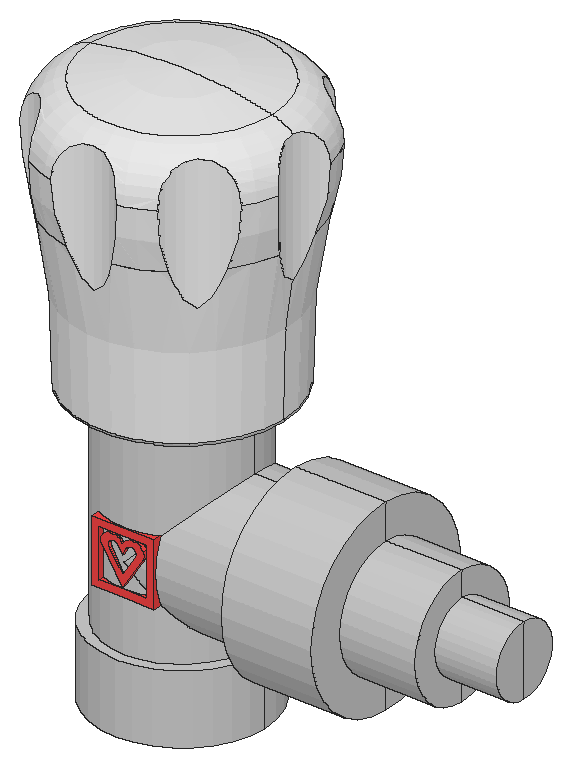
Revit family "GP Heizkörperregulierventil Eck 5524", category Rohrzubehör, Revit 2019
Family settings
  Bemaßung runder Anschluss = Durchmesser verwenden
  Teiletyp = Unterbricht
  OmniClass-Nummer = 23.65.55.14
  OmniClass-Titel = Valves for Liquid Services
  Arbeitsebenenbasiert = Nein
  Immer vertikal = Ja
  Beim Laden mit Abzugskörper schneiden = Nein
  Gemeinsam genutzt = Nein
Parameters
  URL = "www.herz-armaturen.at"
  SCRNSEQ = "ARM;ARM_TYP=\"ALLF\";2"
  SCRNCODE = "05;00;02"  # constant formula
  S04 = 45.000 mm  # constant formula
  S03 [instance] = H02 - 5.000 mm + 41.000 mm  # 60.000 mm
  S02 [instance] = L04 + L03 - L02  # 25.500 mm
  S01 = 10.000 mm  # constant formula
  Nennweite [instance] = 10.000 mm
  Medium = "Heizwasserqualität entsprechend ÖNORM H 5195 bzw. VDI-Richtllinie 2035."
  Max.Betriebstemperatur = 120 °C  # constant formula
  Max.Betriebsdruck = 1000000.0 Pa  # constant formula
  LO1 [instance] = R01 - 0.500 mm  # 10.000 mm
  L04 [instance] = size_lookup("5524_", "L4", 1.000 mm, Nennweite)  # 20.000 mm
  L03 [instance] = size_lookup("5524_", "L3", 1.000 mm, Nennweite)  # 13.000 mm
  L02 [instance] = size_lookup("5524_", "L2", 1.000 mm, Nennweite)  # 7.500 mm
  L01 [instance] = size_lookup("5524_", "L1", 1.000 mm, Nennweite)  # 24.000 mm
  Hersteller = "HERZ Armaturen Ges.m.b.H."  # constant formula
  Handrad = "Kunststoff, weiß"  # constant formula
  H03 [instance] = size_lookup("5524_", "H3", 1.000 mm, Nennweite)  # 10.000 mm
  H02 [instance] = size_lookup("5524_", "H2", 1.000 mm, Nennweite)  # 24.000 mm
  H01 [instance] = size_lookup("5524_", "H1", 1.000 mm, Nennweite)  # 22.000 mm
  Gehäuse = "vernickeltes Messing"  # constant formula
  GT1 [instance] = size_lookup("5524_", "GT1", 1.000 mm, Nennweite)  # 9.000 mm
  GT [instance] = size_lookup("5524_", "GT", 1.000 mm, Nennweite)  # 9.500 mm
  G2 [instance] = Nennweite / 2  # 5.000 mm
  G1 [instance] = Nennweite / 2  # 5.000 mm
  R01 = 10.500 mm  # constant formula
  D05 [instance] = size_lookup("5524_", "D5", 1.000 mm, Nennweite)  # 8.500 mm
  D04 [instance] = size_lookup("5524_", "D4", 1.000 mm, Nennweite)  # 13.500 mm
  D03 [instance] = R01  # 10.500 mm
  D02 [instance] = size_lookup("5524_", "D2", 1.000 mm, Nennweite)  # 7.940 mm
  D01 [instance] = size_lookup("5524_", "D1", 1.000 mm, Nennweite)  # 12.000 mm
  Bestellnummer [instance] = size_lookup("5524_", "Artnr", 0, Nennweite)  # 1552420
  Ausführungen = "Universalmodelle mit Spezialmuffen für Gewinderohr und Klemmsetanschluss, vernickelt."
Reference planes
  plane 1 "Mitte (Vorne/hinten)": y = 0
  plane 2: z = 0
  plane 3 "Mitte (Links/rechts)": x = 0
Forms (mm)
  Revolve 1, solid, material "Messing, weicher Gelbton, geschweißt", detail levels fine
    sketch origin (0, 0, 0) x (1, 0, 0) y (0, 0, 1)
      loop
        line (0, 24) -> (-10.5, 24) -> (-10.5, -12) -> (-12, -12) -> (-12, -22) -> (-5, -22) -> (-5, -12.5) -> (0, -12.5) -> (0, 24)
      axis (0, 24) -> (0, -22)
    angle from 0 to 360
  Revolve 2, solid, material "Messing, weicher Gelbton, geschweißt", detail levels fine
    sketch origin (0, 0, 0) x (1, 0, 0) y (0, 0, 1)
      loop
        line (0, 0) -> (24, 0) -> (24, 7.94) -> (16.5, 7.94) -> (16.5, 10.5) -> (0, 10.5) -> (0, 0)
      axis (0, 0) -> (24, 0)
    angle from 0 to 360
  Revolve 3, solid, material "Messing, weicher Gelbton, geschweißt", detail levels fine
    sketch origin (-1, 0, 0) x (1, 0, 0) y (0, 0, 1)
      loop
        line (25, 0) -> (50.5, 0) -> (50.5, 5) -> (41.5, 5) -> (41.5, 8.5) -> (30.5, 8.5) -> (30.5, 13.5) -> (17.5, 13.5) -> (17.5, 7.94) -> (25, 7.94) -> (25, 0)
      axis (17.5, 0) -> (50.5, 0)
    angle from 0 to 360
Lines and regions (mm)
  model lines, detail levels coarse+medium
    curve 1: line (0, 0, 0) -> (12, 0, -22)
    curve 2: line (12, 0, -22) -> (-12, 0, -22)
    curve 3: line (-12, 0, -22) -> (0, 0, 0)
    curve 4: line (0, 0, 0) -> (24, 0, 13.5)
    curve 5: line (24, 0, 13.5) -> (24, 0, -13.5)
    curve 6: line (24, 0, -13.5) -> (0, 0, 0)
    curve 7: line (24, 0, 13.5) -> (34, 0, 13.5)
    curve 8: line (34, 0, 13.5) -> (24, 0, 0)
    curve 9: line (24, 0, -13.5) -> (34, 0, -13.5)
    curve 10: line (34, 0, -13.5) -> (24, 0, 0)
    curve 11: line (24, 0, 0) -> (49.5, 0, 0)
    curve 12: line (0, 0, 0) -> (0, 0, 60)
    curve 13: line (-22.5, 0, 60) -> (22.5, 0, 60)
    curve 14: line (0, 0, 0) -> (0, 60, 0)
    curve 15: line (-22.5, 60, 0) -> (22.5, 60, 0)
    curve 16: line (0, 0, 0) -> (12, -22, 0)
    curve 17: line (12, -22, 0) -> (-12, -22, 0)
    curve 18: line (-12, -22, 0) -> (0, 0, 0)
    curve 19: line (0, 0, 0) -> (24, 13.5, 0)
    curve 20: line (24, 13.5, 0) -> (24, -13.5, 0)
    curve 21: line (24, -13.5, 0) -> (0, 0, 0)
    curve 22: line (24, 13.5, 0) -> (34, 13.5, 0)
    curve 23: line (34, 13.5, 0) -> (24, 0, 0)
    curve 24: line (24, -13.5, 0) -> (34, -13.5, 0)
    curve 25: line (24, 0, 0) -> (34, -13.5, 0)
Dimensions and locks
  "H02": Revolve 1 sketch curve to plane 2
  "H01": plane 2 to Revolve 1 sketch curve
  "R01": Revolve 1 sketch curve to Revolve 1 sketch curve
  "G1": Revolve 1 sketch curve to Revolve 1 sketch curve
  "D01": Revolve 1 sketch curve to Revolve 1 sketch curve
  "GT": Revolve 1 sketch curve to Revolve 1 sketch curve
  "H03": Revolve 1 sketch curve to Revolve 1 sketch curve
  "D02": Revolve 2 sketch curve to Revolve 2 sketch curve
  "D03": Revolve 2 sketch curve to Revolve 2 sketch curve
  "L01": Revolve 2 sketch curve to Revolve 2 sketch curve
  "L02": Revolve 2 sketch curve to Revolve 2 sketch curve
  "H02": nested 1 to plane 2
  "LO1": nested 2 to plane 1 "Mitte (Vorne/hinten)"
  "L02": Revolve 3 sketch curve to Revolve 3 sketch curve
  "L03": Revolve 3 sketch curve to Revolve 3 sketch curve
  "L04": Revolve 3 sketch curve to Revolve 3 sketch curve
  "D04": Revolve 3 sketch curve to Revolve 3 sketch curve
  "G2": Revolve 3 sketch curve to Revolve 3 sketch curve
  "D05": Revolve 3 sketch curve to Revolve 3 sketch curve
  "GT1": Revolve 3 sketch curve to Revolve 3 sketch curve
  "L01": plane 3 "Mitte (Links/rechts)" to Revolve 3 sketch curve
  "D02": Revolve 3 sketch curve to plane 2
  "H01": plane 2 to curve 2
  "L01": curve 5 to plane 3 "Mitte (Links/rechts)"
  "D01": curve 2 to plane 3 "Mitte (Links/rechts)" to curve 3
  "D04": curve 5 to plane 2 to curve 6
  "S01": curve 5 to curve 8
  "S01": curve 5 to curve 10
  "S02": curve 11 to curve 11
  "S03": curve 12 to plane 2
  equal spacing: curve 13, curve 12, curve 13
  "S04": curve 13 to curve 13
  "S04": curve 15 to curve 15
  equal spacing: curve 15, curve 14, curve 15
  "S03": plane 1 "Mitte (Vorne/hinten)" to curve 14
  "H01": curve 17 to plane 1 "Mitte (Vorne/hinten)"
  "D01": curve 18 to plane 3 "Mitte (Links/rechts)" to curve 17
  "L01": plane 3 "Mitte (Links/rechts)" to curve 20
  "D04": curve 21 to plane 1 "Mitte (Vorne/hinten)" to curve 20
  "S01": curve 20 to curve 23
  "S01": curve 20 to curve 25
  aligned and locked: level to plane 2
Automatic sketch dimensions
  curve 12 to plane 3 "Mitte (Links/rechts)" = 0.000 mm
  curve 4 to level = 0.000 mm
  curve 10 to level = 0.000 mm
  curve 8 to level = 0.000 mm
  plane 1 "Mitte (Vorne/hinten)" to curve 16 = 0.000 mm
  curve 16 to plane 3 "Mitte (Links/rechts)" = 0.000 mm
  plane 1 "Mitte (Vorne/hinten)" to curve 23 = 0.000 mm
  Revolve 1 sketch curve to plane 3 "Mitte (Links/rechts)" = 0.000 mm  (x2)
  Revolve 1 sketch curve to Revolve 1 sketch curve = 345.545 mm
  Revolve 1 sketch curve to Revolve 1 sketch curve = 2189.815 mm
  Revolve 2 sketch curve to level = 0.000 mm  (x2)
  Revolve 2 sketch curve to plane 3 "Mitte (Links/rechts)" = 0.000 mm
  Revolve 2 sketch curve to plane 3 "Mitte (Links/rechts)" = 1506.530 mm
  Revolve 2 sketch curve to Revolve 2 sketch curve = 1815.148 mm
  Revolve 3 sketch curve to level = 0.000 mm  (x2)
  Revolve 3 sketch curve to plane 3 "Mitte (Links/rechts)" = 1507.530 mm
  Revolve 3 sketch curve to Revolve 3 sketch curve = 1789.648 mm
Nested families
  nested 1: "Handrad-Heizkörperventile" at (0, 0, 18.5), type "Handrad-Heizkörperventile", detail levels fine
  nested 2: "Herz-Logo-vorne" at (0, -10, 0) x (0, -1, 0) z (0, 0, 1), type "Herz-Logo-vorne", detail levels fine
Connectors
  piping at (0, 0, -12.5), diameter 10, driven by "Nennweite"
    settings: on Revolve 1, index 1, connector inside diameter 609.6 mm, connector length 0.000 mm, flow factor 0, pipe flow 0.0 L/s, pressure drop 0.0 Pa, fitting loss kfactor 0, connector angle 0.00°, fixture units 0, engagement length 0.000 mm, angle of deflection 0.00°, flow configuration 0, flow direction 1, fitting loss method 0, system type 7, joint type 0, gender type 0, connector reference index -1, connector utility 0, adjustable connector no, is connector primary yes, connector description ""
  piping at (49.5, 0, 0), diameter 10, driven by "Nennweite"
    settings: on Revolve 3, index 2, connector inside diameter 609.6 mm, connector length 0.000 mm, flow factor 0, pipe flow 0.0 L/s, pressure drop 0.0 Pa, fitting loss kfactor 0, connector angle 0.00°, fixture units 0, engagement length 0.000 mm, angle of deflection 0.00°, flow configuration 0, flow direction 2, fitting loss method 0, system type 7, joint type 0, gender type 0, connector reference index -1, connector utility 0, adjustable connector no, is connector primary no, connector description ""
Definition of nested family "Handrad-Heizkörperventile"
  Parameters (values of type "Handrad-Heizkörperventile")
    T01 = 5.500 mm  # constant formula
    R01 = 10.500 mm  # constant formula
  Reference planes
    plane 1 "Mitte (Vorne/hinten)": y = 0
    plane 2: z = 0
    plane 3 "Mitte (Links/rechts)": x = 0
  Forms (mm)
    Revolve 1, solid, detail levels fine
      sketch origin (0, 0, 0) x (1, 0, 0) y (0, 0, 1)
        loop
          line (10.5, 0) -> (14.25, 0)
          arc (14.25, 0) -> (14.604, 0.146) -> (14.75, 0.5) r 0.5
          arc (14.75, 0.5) -> (15.098, 12.356) -> (17.195, 24.03) r 80
          arc (17.195, 24.03) -> (18.172, 28.281) -> (18.5, 32.63) r 29
          arc (18.5, 32.63) -> (17.011, 36.946) -> (13.177, 39.426) r 7
          arc (13.177, 39.426) -> (6.637, 40.626) -> (0, 41.028) r 55
          line (0, 41.028) -> (0, 5.5) -> (10.5, 5.5) -> (10.5, 0)
        axis (0, 41.028) -> (0, 0)
      angle from 0 to 360
    Extrusion 2, void
      sketch origin (0, 0, 0) x (1, 0, 0) y (0, 1, 0)
        loop
          arc (-16.011, 9.268) -> (-11.314, 11.314) -> (-9.268, 16.011) r 7
          arc (-9.268, 16.011) -> (-13.081, 13.081) -> (-16.011, 9.268) r 18.5
        loop
          arc (16.011, 9.268) -> (13.081, 13.081) -> (9.268, 16.011) r 18.5
          arc (9.268, 16.011) -> (11.314, 11.314) -> (16.011, 9.268) r 7
        loop
          arc (-16.011, -9.268) -> (-13.081, -13.081) -> (-9.268, -16.011) r 18.5
          arc (-9.268, -16.011) -> (-11.314, -11.314) -> (-16.011, -9.268) r 7
        loop
          arc (16.011, -9.268) -> (11.314, -11.314) -> (9.268, -16.011) r 7
          arc (9.268, -16.011) -> (13.081, -13.081) -> (16.011, -9.268) r 18.5
        loop
          arc (17.953, 4.58) -> (16.078, -0.188) -> (17.953, -4.956) r 7
          arc (17.953, -4.956) -> (18.578, -0.188) -> (17.953, 4.58) r 18.5
        loop
          arc (-17.953, 4.58) -> (-18.578, -0.188) -> (-17.953, -4.956) r 18.5
          arc (-17.953, -4.956) -> (-16.078, -0.188) -> (-17.953, 4.58) r 7
        loop
          arc (-4.58, 17.953) -> (0.188, 16.078) -> (4.956, 17.953) r 7
          arc (4.956, 17.953) -> (0.188, 18.578) -> (-4.58, 17.953) r 18.5
        loop
          arc (-4.58, -17.953) -> (0.188, -18.578) -> (4.956, -17.953) r 18.5
          arc (4.956, -17.953) -> (0.188, -16.078) -> (-4.58, -17.953) r 7
      from 15.609 to 43.011
  Cuts and joins
    Extrusion 2 cuts Revolve 1
  Dimensions and locks
    "R01": Revolve 1 sketch curve to Revolve 1 sketch curve
    Revolve 1 sketch curve to plane 3 "Mitte (Links/rechts)" = 14.750 mm
    "T01": Revolve 1 sketch curve to Revolve 1 sketch curve
    aligned and locked: level to plane 2
  Automatic sketch dimensions
    Extrusion 2 sketch curve to Extrusion 2 sketch curve = 0.000 mm  (x14)
    plane 1 "Mitte (Vorne/hinten)" to Extrusion 2 sketch curve = 0.000 mm
    Extrusion 2 sketch curve to plane 3 "Mitte (Links/rechts)" = 0.000 mm
    Extrusion 2 sketch curve to plane 3 "Mitte (Links/rechts)" = 0.078 mm
    Extrusion 2 sketch curve to plane 3 "Mitte (Links/rechts)" = 16.263 mm  (x2)
    plane 1 "Mitte (Vorne/hinten)" to Extrusion 2 sketch curve = 0.188 mm  (x2)
    Extrusion 2 sketch curve to Extrusion 2 sketch curve = 6.815 mm  (x4)
    plane 3 "Mitte (Links/rechts)" to Extrusion 2 sketch curve = 0.078 mm
    plane 3 "Mitte (Links/rechts)" to Extrusion 2 sketch curve = 0.188 mm  (x2)
    plane 1 "Mitte (Vorne/hinten)" to Extrusion 2 sketch curve = 0.078 mm
    Extrusion 2 sketch curve to Extrusion 2 sketch curve = 0.110 mm  (x2)
    Extrusion 2 sketch curve to plane 1 "Mitte (Vorne/hinten)" = 0.078 mm
    plane 3 "Mitte (Links/rechts)" to Extrusion 2 sketch curve = 16.263 mm  (x2)
    plane 1 "Mitte (Vorne/hinten)" to Extrusion 2 sketch curve = 16.263 mm  (x2)
    Extrusion 2 sketch curve to plane 1 "Mitte (Vorne/hinten)" = 16.263 mm  (x2)
    Extrusion 2 sketch curve to plane 3 "Mitte (Links/rechts)" = 4.580 mm  (x2)
    Extrusion 2 sketch curve to Extrusion 2 sketch curve = 4.688 mm  (x2)
    Extrusion 2 sketch curve to Extrusion 2 sketch curve = 0.252 mm  (x4)
    Extrusion 2 sketch curve to Extrusion 2 sketch curve = 1.942 mm  (x4)
    Extrusion 2 sketch curve to Extrusion 2 sketch curve = 4.312 mm  (x4)
    Revolve 1 sketch curve to plane 3 "Mitte (Links/rechts)" = 0.000 mm  (x2)
    Revolve 1 sketch curve to level = 0.000 mm
    Revolve 1 sketch curve to plane 3 "Mitte (Links/rechts)" = 10.500 mm
    plane 3 "Mitte (Links/rechts)" to Revolve 1 sketch curve = 11.500 mm
    Revolve 1 sketch curve to Revolve 1 sketch curve = 0.500 mm
    level to Revolve 1 sketch curve = 4.086 mm
    Revolve 1 sketch curve to Revolve 1 sketch curve = 79.920 mm
    Revolve 1 sketch curve to level = 13.972 mm
    Revolve 1 sketch curve to Revolve 1 sketch curve = 27.130 mm
    Revolve 1 sketch curve to Revolve 1 sketch curve = 8.398 mm
    Revolve 1 sketch curve to Revolve 1 sketch curve = 0.000 mm
    Revolve 1 sketch curve to Revolve 1 sketch curve = 1.305 mm
    Revolve 1 sketch curve to Revolve 1 sketch curve = 352.073 mm
    Revolve 1 sketch curve to Revolve 1 sketch curve = 2173.287 mm
Definition of nested family "Herz-Logo-vorne"
  Reference planes
    plane 1 "Mitte (Vorne/hinten)": y = 0
    plane 2: z = 0
    plane 3 "Mitte (Links/rechts)": x = 0
  Forms (mm)
    Extrusion 1, solid
      sketch origin (0.732, -0.018, 0.017) x (0, -1, 0) y (0, 0, 1)
        loop
          line (-0.018, -4.517) -> (4.482, -4.517) -> (4.482, 4.483) -> (-4.518, 4.483) -> (-4.518, -4.517) -> (-0.018, -4.517)
        loop
          line (-0.05, -3.48) -> (3.482, -3.48) -> (3.482, 3.483) -> (-3.518, 3.483) -> (-3.518, -3.48) -> (-0.05, -3.48)
        loop
          arc (-0.018, 2.383) -> (-1.543, 3.287) -> (-3.067, 2.383) r 1.738
          arc (-3.067, 2.383) -> (-3.191, 1.899) -> (-3.067, 1.415) r 1.009
          line (-3.067, 1.415) -> (-0.018, -3.281) -> (3.032, 1.415)
          arc (3.032, 1.415) -> (3.156, 1.899) -> (3.032, 2.383) r 1.009
          arc (3.032, 2.383) -> (1.507, 3.287) -> (-0.018, 2.383) r 1.738
        loop
          arc (1.885, 1.272) -> (2.005, 1.675) -> (1.885, 2.079) r 0.74
          arc (1.885, 2.079) -> (1.265, 2.416) -> (0.644, 2.079) r 0.74
          line (0.644, 2.079) -> (-0.018, 0.97) -> (-0.679, 2.079)
          arc (-0.679, 2.079) -> (-1.3, 2.416) -> (-1.921, 2.079) r 0.74
          arc (-1.921, 2.079) -> (-2.04, 1.675) -> (-1.921, 1.272) r 0.74
          line (-1.921, 1.272) -> (-0.018, -1.658) -> (1.885, 1.272)
      from 0 to 1.5
  Dimensions and locks
    aligned and locked: level to plane 2
